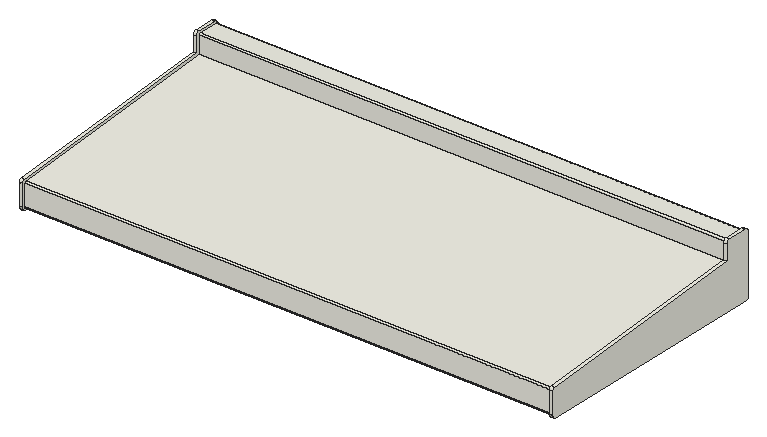
Revit family "NLRS_27_GM_LIB_LA_MR", category Generic Models, Revit 2021
Family settings
  Can host rebar = No
  Round Connector Dimension = Use Diameter
  Part Type = Normal
  Cut with Voids When Loaded = Yes
  Shared = No
  Room Calculation Point = No
Parameters (values of type "LA Vlak 450B")
  set_Hoogte_AK = if(Hoogte_AK - 40 mm < Hoogte_VK, Hoogte_VK + 40 mm, Hoogte_AK)  # 115 mm
  URL = "https://www.meilofriks.nl/luifels/la/"
  Type Image = <None>
  IfcExportType = ""
  IfcExportAs = "IfcFlowsegment"
  Hoogte_VK = 45 mm
  Hoogte_AK = 115 mm
  Detail [instance] = no
  Default Elevation = 0 mm
  Breedte_Luifel = 450 mm
  Achterconstructie [instance] = no
  NLRS_C_Materiaal = RAL 7036
  Model = "LA"  # constant formula
  Manufacturer = "Meilof Riks bv"  # constant formula
  Description = "LA Luifel"  # constant formula
  Assembly Code = "27.13"
  built-in parameter 1001306 [instance] = 1000 mm
  02_Trim = no
Types (9, lengths in mm): name | set_Hoogte_AK | Hoogte_VK | Hoogte_AK | Breedte_Luifel | NLRS_C_Materiaal | 02_Trim
  LA Trim 400B | 125 | 60 | 125 | 400 | RAL 9010 | yes
  LA Vlak 400A | 90 | 30 | 90 | 400 | RAL 9010 | no
  LA Trim 450B | 125 | 60 | 125 | 450 | RAL 9010 | yes
  LA Trim 500B | 125 | 60 | 125 | 500 | RAL 9010 | yes
  LA Vlak 450A | 90 | 30 | 90 | 450 | RAL 9010 | no
  LA Vlak 500A | 90 | 30 | 90 | 500 | RAL 9010 | no
  LA Vlak 450B | 115 | 45 | 115 | 450 | RAL 7036 | no
  LA Vlak 400B | 125 | 60 | 125 | 400 | RAL 7036 | no
  LA Vlak 500B | 125 | 60 | 125 | 500 | RAL 7036 | no
Reference planes
  plane 1 "Center (Front/Back)": y = 0
  plane 2: z = 0
  plane 3 "Left": x = 0
  plane 4 "Right": x = 1000
  plane 5: x = 500
  plane 6: x = 7
  plane 7: x = 993
Lines and regions (mm)
  reference lines
    curve 1: line (0, 0, 0) -> (1000, 0, 0)
Dimensions and locks
  "built-in parameter 1001306": plane 3 "Left" to plane 4 "Right"
  equal spacing: plane 3 "Left", plane 5, plane 4 "Right"
  locked: plane 3 "Left" to plane 6 at 7
  locked: plane 7 to plane 4 "Right" at 7
  aligned and locked: plane 4 "Right" to curve 1
  aligned and locked: plane 1 "Center (Front/Back)" to curve 1
  aligned and locked: plane 3 "Left" to curve 1
  aligned and locked: level to plane 2
  aligned and locked: plane 3 "Left" to nested 1
  aligned and locked: plane 4 "Right" to nested 1
  aligned and locked: plane 1 "Center (Front/Back)" to nested 1
  aligned and locked: plane 1 "Center (Front/Back)" to nested 2
  aligned and locked: plane 7 to nested 2
  aligned and locked: plane 6 to nested 2
Nested families
  nested 1: "01" at (0, 0, 0), type "1_ Recht"
    with Lengte 1000 mm, set_waterhol 0 mm, set_trim -1000 mm, set_ok_vlak -1000 mm, set_Vlak 0 mm, 02_Trim no, 01_Vlak yes
  nested 2: "Hoeklijn 60x60x3" at (7, 0, 0), type "Hoeklijn 60x60x3"
    with built-in parameter 1001306 986 mm
Definition of nested family "01"
  Parameters (values of type "1_ Recht")
    set_waterhol = if([01_Vlak], 0 mm, -1000 mm)  # -1000 mm
    set_trim = if([01_Vlak], -1000 mm, 0 mm)  # 0 mm
    set_ok_vlak = if([01_Vlak], -1000 mm, 0 mm)  # 0 mm
    set_Vlak = if([01_Vlak], 0 mm, 1000 mm)  # 1000 mm
    Manufacturer = ""
    NLRS_C_Materiaal = none
    Lengte [instance] = 4100 mm
    Hoogteverschil = Hoogte_AK - Hoogte_VK - 35 mm  # 35 mm
    Hoogte_VK = 45 mm
    Hoogte_AK = 115 mm
    Default Elevation = 0 mm
    Breedte_Luifel = 450 mm
    02_Trim = yes
    01_Vlak = not([02_Trim])  # no
  Reference planes
    plane 1 "Center (Front/Back)": y = 0
    plane 2: z = 0
    plane 3 "Center (Left/Right)": x = 0
    plane 4: x = 4100
    plane 5: y = -450
    plane 6: y = -408
    plane 7: y = -508
    plane 8: z = 115
    plane 9: z = -50
    plane 10: z = 2
    plane 11: y = -375
    plane 12: x = 6
    plane 13: x = 4094
  Forms (mm)
    Sweep 1, solid, material <- "NLRS_C_Materiaal"
      path origin (0, 0, 0) x (1, 0, 0) y (0, 1, 0)
        loop
          line (6, 0) -> (4094, 0)
      profile "LA profiel : GI profiel" origin (2050, 0, 0) x (0, 1, 0) y (0, 0, 1)
        loop
          line (0, 2.7) -> (0, 112.3)
          arc (0, 112.3) -> (-0.791, 114.209) -> (-2.7, 115) r 2.7
          line (-2.7, 115) -> (-39.3, 115)
          arc (-39.3, 115) -> (-41.209, 114.209) -> (-42, 112.3) r 2.7
          line (-42, 112.3) -> (-42, 85) -> (-485, 85) -> (-485, 10) -> (-450, 10) -> (-450, -35) -> (-400, -35) -> (-400, 0) -> (-2.7, 0)
          arc (-2.7, 0) -> (-0.791, 0.791) -> (0, 2.7) r 2.7
    Sweep 2, void
      path origin (0, 0, 0) x (1, 0, 0) y (0, 1, 0)
        loop
          line (6, -450) -> (4094, -450)
      profile "Algemeen_OK_Vlak : GI" origin (2050, -450, 0) x (0, 1, 0) y (0, 0, 1)
        loop
          arc (2.7, 0) -> (0.791, 0.791) -> (0, 2.7) r 2.7
          line (0, 2.7) -> (-13.335, 2.7) -> (-13.335, -42.293) -> (54.85, -42.293) -> (54.85, 0) -> (2.7, 0)
    Sweep 3, void
      path origin (0, 0, 0) x (1, 0, 0) y (0, 1, 0)
        loop
          line (6, -450) -> (4094, -450)
      profile "Algemeen_OK_Waterhol : GI" origin (2050, -450, 0) x (0, 1, 0) y (0, 0, 1)
        loop
          line (-7.653, -1036.147) -> (55.984, -1036.147) -> (55.984, -1000) -> (37.4, -1000) -> (25, -996.2) -> (12.6, -1000) -> (2.7, -1000)
          arc (2.7, -1000) -> (0.791, -999.209) -> (0, -997.3) r 2.7
          line (0, -997.3) -> (-7.653, -997.3) -> (-7.653, -1036.147)
    Sweep 4, void
      path origin (0, 0, 0) x (1, 0, 0) y (0, 1, 0)
        loop
          line (4094, -450) -> (6, -450)
      profile "Algemeen_VK_Vlak : GI" origin (2050, -450, 0) x (0, -1, 0) y (0, 0, 1)
        loop
          line (1000, 42.478) -> (1000, 4.511) -> (1040, 4.511) -> (1040, 90) -> (592, 90) -> (592, 80) -> (997.531, 45.168)
          arc (997.531, 45.168) -> (999.289, 44.303) -> (1000, 42.478) r 2.7
    Sweep 5, void
      path origin (0, 0, 0) x (1, 0, 0) y (0, 1, 0)
        loop
          line (6, -450) -> (4094, -450)
      profile "Algemeen_VK_Trim : GI" origin (2050, -450, 0) x (0, 1, 0) y (0, 0, 1)
        loop
          arc (-11, 42.309) -> (-10.288, 44.137) -> (-8.526, 45) r 2.7
          line (-8.526, 45) -> (408, 80) -> (408, 100) -> (-40, 100) -> (-40, 5) -> (0, 5) -> (0, 22.526) -> (-6.448, 15.791)
          arc (-6.448, 15.791) -> (-9.342, 15.166) -> (-11, 17.619) r 2.643
          line (-11, 17.619) -> (-11, 42.309)
    Sweep 6, void
      path origin (0, 0, 0) x (1, 0, 0) y (0, 1, 0)
        loop
          line (6, 0) -> (4094, 0)
      profile "Algemeen_Sparinghoeklijn : GI" origin (2050, 0, 0) x (0, 1, 0) y (0, 0, 1)
        loop
          line (0, 67) -> (-10, 49.679) -> (-10, 0) -> (0, 0) -> (0, 67)
  Cuts and joins
    Sweep 2, Sweep 3, Sweep 4, Sweep 5, Sweep 6 cuts Sweep 1
  Dimensions and locks
    "Breedte_Luifel": plane 5 to plane 1 "Center (Front/Back)"
    locked: plane 5 to plane 6 at 42
    locked: plane 7 to plane 6 at 100
    "Lengte": plane 3 "Center (Left/Right)" to plane 4
    "Hoogte_AK": plane 8 to plane 2
    locked: plane 2 to plane 9 at 50
    locked: plane 11 to plane 5 at 75
    plane 10 to plane 2 = 2 mm
    locked: plane 3 "Center (Left/Right)" to plane 12 at 6
    locked: plane 13 to plane 4 at 6
    aligned and locked: level to plane 2
    aligned and locked: plane 1 "Center (Front/Back)" to Sweep 1 sketch curve
    aligned and locked: Sweep 2 sketch curve to plane 5
    aligned and locked: plane 5 to Sweep 4 sketch curve
    aligned and locked: Sweep 5 sketch curve to plane 5
    aligned and locked: plane 1 "Center (Front/Back)" to nested 2
    aligned and locked: nested 1 to plane 1 "Center (Front/Back)"
    aligned and locked: plane 12 to Sweep 5 sketch curve
    aligned and locked: plane 13 to Sweep 5 sketch curve
    aligned and locked: plane 13 to Sweep 1 sketch curve
    aligned and locked: plane 12 to Sweep 1 sketch curve
    aligned and locked: plane 12 to Sweep 3 sketch curve
    aligned and locked: plane 13 to Sweep 3 sketch curve
    aligned and locked: plane 13 to Sweep 4 sketch curve
    aligned and locked: plane 12 to Sweep 4 sketch curve
    aligned and locked: plane 12 to Sweep 2 sketch curve
    aligned and locked: plane 13 to Sweep 2 sketch curve
    aligned and locked: nested 1 to plane 3 "Center (Left/Right)"
    aligned and locked: nested 2 to plane 4
    aligned and locked: plane 12 to Sweep 6 sketch curve
    aligned and locked: plane 13 to Sweep 6 sketch curve
    aligned and locked: plane 1 "Center (Front/Back)" to Sweep 6 sketch curve
  Automatic sketch dimensions
    Sweep 3 sketch curve to plane 5 = 0 mm
  Nested families
    nested 1: "Kap 6mm" at (-2.324, -450, 0), type "Kap 6mm"
      with hoogteverschil 35 mm, Hoogte_VK 45 mm, Hoogte_AK 115 mm, Breedte_goot 450 mm
    nested 2: "Kap 6mm" at (4102.324, -450, 0) x (-1, 0, 0) z (0, 0, 1), type "Kap 6mm"
      with hoogteverschil 35 mm, Hoogte_VK 45 mm, Hoogte_AK 115 mm, Breedte_goot 450 mm
  Definition of nested family "Kap 6mm"
    Parameters (values of type "Kap 6mm")
      set_waterhol = 0 mm
      hoogteverschil = 25 mm
      Set_kraal = if([02_Trim], -100 mm, 0 mm)  # -100 mm
      Set_Trim = if([02_Trim], 0 mm, -100 mm)  # 0 mm
      Model = "GI"  # constant formula
      Materiaal = none
      Manufacturer = "Meilof Riks"  # constant formula
      Hoogte_VK = 60 mm
      Hoogte_AK = 120 mm
      Description = "Kap tbv zelfdragende goot: GI"  # constant formula
      Default Elevation = 0 mm
      Breedte_goot = 500 mm
      Assembly Code = "27.16"
      4_1_ Kap_dikte = 6 mm
      02_Trim = yes
      01_kraal = no
    Reference planes
      plane 1 "Center (Front/Back)": y = 0
      plane 2: z = 0
      plane 3: x = 8.324
      plane 4: y = 500
      plane 5: x = 2.324
      plane 6: x = 5.324
    Forms (mm)
      Sweep 1, solid, material <- "Materiaal"
        path origin (0, 0, 0) x (1, 0, 0) y (0, 1, 0)
          loop
            line (8.324, 0) -> (2.324, 0)
        profile "GI algemeen_profiel_kap 6mm : GI algemeen_profiel_kap" origin (5.324, 0, 0) x (0, -1, 0) y (0, 0, 1)
          loop
            line (-503, 116.192) -> (-503, 2.7)
            arc (-503, 2.7) -> (-501.331, -1.331) -> (-497.3, -3) r 5.7
            line (-497.3, -3) -> (-47, -3) -> (-47, -33) -> (3, -33) -> (3, 10) -> (38, 10) -> (38, 98) -> (-455, 98) -> (-455, 117.3)
            arc (-455, 117.3) -> (-456.669, 121.331) -> (-460.7, 123) r 5.7
            line (-460.7, 123) -> (-496.192, 123)
            arc (-496.192, 123) -> (-501.006, 121.006) -> (-503, 116.192) r 6.808
      Sweep 2, void
        path origin (-57.794, -68.5, 0) x (-1, 0, 0) y (0, -1, 0)
          loop
            line (-60.118, -68.5) -> (-66.118, -68.5)
        profile "Algemeen_Waterhol_kap : GI" origin (5.324, 0, 0) x (0, 1, 0) y (0, 0, 1)
          loop
            line (-18, 4.636) -> (-18, -51.3) -> (52, -51.3) -> (52, -3) -> (2.7, -3)
            arc (2.7, -3) -> (-1.331, -1.331) -> (-3, 2.7) r 5.7
            line (-3, 2.7) -> (-3, 4.636) -> (-18, 4.636)
      Sweep 3, void
        path origin (-42.794, -68.5, 0) x (-1, 0, 0) y (0, -1, 0)
          loop
            line (-45.118, -68.5) -> (-51.118, -68.5)
        profile "Algemeen_Vlak_kap : GI" origin (5.324, 0, 0) x (0, 1, 0) y (0, 0, 1)
          loop
            arc (-103, 58.911) -> (-101.878, 61.728) -> (-99.127, 63.003) r 4.098
            line (-99.127, 63.003) -> (355, 88) -> (355, 108) -> (-153, 108) -> (-153, -7) -> (-103, -7) -> (-103, 58.911)
      Sweep 4, void
        path origin (-20.228, -68.5, 0) x (-1, 0, 0) y (0, -1, 0)
          loop
            line (-22.552, -68.5) -> (-28.552, -68.5)
        profile "Algemeen_Trim_kap : GI" origin (5.324, 0, 0) x (0, 1, 0) y (0, 0, 1)
          loop
            arc (-14.5, 57.87) -> (-12.977, 61.689) -> (-9.245, 63.411) r 5.549
            line (-9.245, 63.411) -> (455, 88) -> (455, 105) -> (-50, 105) -> (-50, -10) -> (-3, -10) -> (-3, 27.081) -> (-8.8, 27.081)
            arc (-8.8, 27.081) -> (-12.831, 28.751) -> (-14.5, 32.781) r 5.7
            line (-14.5, 32.781) -> (-14.5, 57.87)
    Cuts and joins
      Sweep 2, Sweep 3, Sweep 4 cuts Sweep 1
    Dimensions and locks
      "Breedte_goot": plane 4 to plane 1 "Center (Front/Back)"
      "4_1_ Kap_dikte": plane 5 to plane 3
      equal spacing: plane 5, plane 6, plane 3
      aligned and locked: level to plane 2
      aligned and locked: Sweep 1 sketch curve to plane 1 "Center (Front/Back)"
      aligned and locked: plane 5 to Sweep 1 sketch curve
      aligned and locked: plane 3 to Sweep 1 sketch curve
      aligned and locked: plane 3 to Sweep 4 sketch curve
      aligned and locked: plane 5 to Sweep 4 sketch curve
      aligned and locked: plane 1 "Center (Front/Back)" to Sweep 4 sketch curve
      aligned and locked: plane 3 to Sweep 3 sketch curve
      aligned and locked: plane 1 "Center (Front/Back)" to Sweep 3 sketch curve
      aligned and locked: plane 5 to Sweep 3 sketch curve
      aligned and locked: plane 3 to Sweep 2 sketch curve
      aligned and locked: plane 5 to Sweep 2 sketch curve
      aligned and locked: plane 1 "Center (Front/Back)" to Sweep 2 sketch curve
Definition of nested family "Hoeklijn 60x60x3"
  Parameters (values of type "Hoeklijn 60x60x3")
    dikte = 3 mm
    Materiaal = none
    built-in parameter 1001306 [instance] = 1200 mm
    Lengte1 = 60 mm
    Default Elevation = 0 mm
  Reference planes
    plane 1 "Center (Front/Back)": y = 0
    plane 2: z = 0
    plane 3 "Left": x = 0
    plane 4 "Right": x = 1200
  Forms (mm)
    Sweep 1, solid, material <- "Materiaal"
      path origin (0, 0, 0) x (1, 0, 0) y (0, 1, 0)
        loop
          line (0, 0) -> (1200, 0)
      profile origin (600, 0, 0) x (0, 1, 0) y (0, 0, 1)
        loop
          line (0, -3) -> (0, 60) -> (-3, 60) -> (-3, 0) -> (-60, 0) -> (-60, -3) -> (0, -3)
  Lines and regions (mm)
    reference lines
      curve 1: line (0, 0, 0) -> (1200, 0, 0)
  Dimensions and locks
    "built-in parameter 1001306": plane 3 "Left" to plane 4 "Right"
    Sweep 1 sketch curve to plane 1 "Center (Front/Back)" = 60 mm
    "Lengte1": Sweep 1 sketch curve to profile plane
    "dikte": Sweep 1 sketch curve to Sweep 1 sketch curve  (x2)
    aligned and locked: plane 4 "Right" to curve 1
    aligned and locked: plane 1 "Center (Front/Back)" to curve 1
    aligned and locked: plane 3 "Left" to curve 1
    aligned and locked: level to plane 2
    aligned and locked: plane 1 "Center (Front/Back)" to Sweep 1 sketch curve  (x2)
    aligned and locked: plane 3 "Left" to Sweep 1 sketch curve
    aligned and locked: plane 4 "Right" to Sweep 1 sketch curve
  Automatic sketch dimensions
    Sweep 1 sketch curve to level = 0 mm
